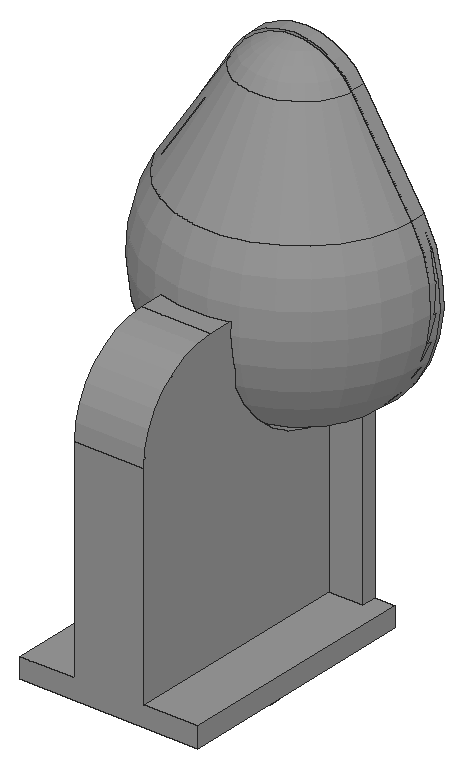
Revit family "Toilet-Willoughby-1490-ETW-OF-TS", category Plumbing Fixtures, host Face, Revit 2014
Parameters (values of type "Standard")
  Waste DIA = 2 1/2"
  Waste Connection = yes
  W-RAD [instance] = Waste DIA / 2  # 0' - 1 1/4"
  Vent Connection = no
  URL = "www.willoughby-ind.com"
  Type Comments = ""
  Revision = "A"
  Model = "ETW-1490-OF-TS"
  Manufacturer = "Willoughby Industries"
  HW Connection = no
  Flush inlet DIA = 1 1/2"
  Flush Inlet Connection = yes
  Fixture Body = Stainless Steel AISI 304-Willoughby
  F-RAD [instance] = Flush inlet DIA / 2  # 0' - 0 3/4"
  Description = "Off Floor Mounted Toilet"
  Default Elevation = 0' - 0"
  Contact Number = "(800) 428-4065"
  CW Connection = yes
Reference planes (in)
  plane 1 "Floor Level": y = -16.25
  plane 2: z = 0
  plane 3 "Center": x = 18.31072
  plane 4 "Waste height": y = -4.75
  plane 5 "Seat HGT": y = -1.25
  plane 6: y = -2.125
  plane 7 "Bottom Of Unit Off Floor": y = -13.75
  plane 8: x = 16.56072
  plane 9: x = 20.06072
  plane 10: x = 11.56072
  plane 11: x = 25.06072
  plane 12: z = 2.70924
Forms (in)
  Extrusion 1, solid, material "Stainless Steel AISI 304-Willoughby" <- "Fixture Body"
    sketch origin (16.08109, 7.47968, -7.1422) x (-1, 0, 0) y (0, 0, -1)
      loop
        line (1.29775, -16.80087) -> (1.29775, -7.1422) -> (-5.72963, -7.1422) -> (-5.72963, -16.81676)
        arc (-5.72963, -16.81676) -> (-8.98136, -21.11843) -> (-8.21015, -26.45542) r 7
        line (-8.21015, -26.45542) -> (-5.16818, -31.31054)
        arc (-5.16818, -31.31054) -> (-2.20225, -32.95225) -> (0.76368, -31.31054) r 3.5
        line (0.76368, -31.31054) -> (3.80565, -26.45542)
        arc (3.80565, -26.45542) -> (4.5729, -21.10311) -> (1.29775, -16.80087) r 7
      loop
        arc (2.03989, -24.70557) -> (-2.20225, -18.23804) -> (-6.44438, -24.70557) r 4.625
        line (-6.44438, -24.70557) -> (-4.04125, -30.23842)
        arc (-4.04125, -30.23842) -> (-2.20225, -31.45225) -> (-0.36324, -30.23842) r 2
        line (-0.36324, -30.23842) -> (2.03989, -24.70557)
    from 8.72968 to 9.5
  Revolve 2, solid, material "Stainless Steel AISI 304-Willoughby" <- "Fixture Body"
    sketch origin (19.37246, -1.52032, -3.93826) x (-1, 0, 0) y (0, 0, -1)
      loop
        line (1.06174, -12.59906) -> (1.06174, -12.84906)
        arc (1.06174, -12.84906) -> (6.96784, -16.33096) -> (6.78077, -23.18447) r 6.75
        line (6.78077, -23.18447) -> (3.81535, -27.91457)
        arc (3.81535, -27.91457) -> (2.63527, -29.03194) -> (1.06174, -29.43826) r 3.25
        line (1.06174, -29.43826) -> (1.06174, -29.68826)
        arc (1.06174, -29.68826) -> (2.75672, -29.25045) -> (4.02767, -28.04656) r 3.5
        line (4.02767, -28.04656) -> (7.06964, -23.19143)
        arc (7.06964, -23.19143) -> (7.15052, -16.14555) -> (1.06174, -12.59906) r 7
      axis (1.06174, -12.59906) -> (1.06174, -29.68826)
    angle from 0 to -180
  Extrusion 3, solid, material "Stainless Steel AISI 304-Willoughby" <- "Fixture Body"
    sketch origin (19.53334, -3.02032, -4.9508) x (0, 1, 0) y (0, 0, 1)
      loop
        line (-5.27082, 4.9508) -> (1, 4.9508) -> (1, 13.76086)
        arc (1, 13.76086) -> (-2.93256, 15.26109) -> (-5.27082, 18.76086) r 6.92744
        line (-5.27082, 18.76086) -> (-5.27082, 4.9508)
    from 0.52738 to -2.97262
  Extrusion 4, solid, material "Stainless Steel AISI 304-Willoughby" <- "Fixture Body"
    sketch origin (17.03334, 24.08792, -4.30581) x (0, 1, 0) y (0, 0, 1)
      loop
        line (-32.06656, 4.30581) -> (-32.06656, 20.30581) -> (-33.56217, 20.30581)
        arc (-33.56217, 20.30581) -> (-36.58558, 19.05347) -> (-37.83792, 16.03006) r 4.27575
        line (-37.83792, 16.03006) -> (-37.83792, 4.30581) -> (-32.06656, 4.30581)
    from -0.47262 to 3.02738
  Extrusion 5, solid, material "Stainless Steel AISI 304-Willoughby" <- "Fixture Body"
    sketch origin (0, 14.59309, 0) x (1, 0, 0) y (0, 1, 0)
      loop
        circle (18.31072, -19.34309) r 1.25
    from 1 to -3
  Extrusion 6, solid, material "Stainless Steel AISI 304-Willoughby" <- "Fixture Body"
    sketch origin (0, 1.11185, 0) x (1, 0, 0) y (0, 0, 1)
      loop
        circle (18.31072, 2.70924) r 0.75
    from 2.36185 to 4.61185
  Extrusion 7, solid, material "Stainless Steel AISI 304-Willoughby" <- "Fixture Body"
    sketch origin (0, -16.25, 0) x (1, 0, 0) y (0, 0, 1)
      loop
        line (22.81072, 0) -> (22.81072, 1) -> (13.81072, 1) -> (13.81072, 0) -> (22.81072, 0)
    from -15 to -2.5
Cuts and joins
  joined: Extrusion 1, Extrusion 3, Extrusion 4, Extrusion 7
Lines and regions (in)
  symbolic lines
    curve 1: line (11.28334, -2.02032, 0) -> (11.28334, -1.25, 0)
    curve 2: line (11.28334, -1.25, 0) -> (25.28334, -1.25, 0)
    curve 3: line (25.28334, -1.25, 0) -> (25.28334, -2.02032, 0)
    curve 4: arc (25.28334, -2.02032, 0) -> (23.06415, -6.63018, 0) -> (18.31072, -8.52239, 0) r 7.0442
    curve 5: arc (18.31072, -8.52239, 0) -> (13.54414, -6.62547, 0) -> (11.28334, -2.02032, 0) r 7.13312
    curve 6: line (20.06072, -8.28853, 0) -> (20.06072, -13.75, 0)
    curve 7: line (22.81072, -6.85535, 0) -> (22.81072, -13.75, 0)
    curve 8: line (22.81072, -13.75, 0) -> (13.81072, -13.75, 0)
    curve 9: line (13.81072, -13.75, 0) -> (13.81072, -6.86008, 0)
    curve 10: line (16.56072, -8.28466, 0) -> (16.56072, -13.75, 0)
    curve 11: line (14.78334, -16.25, 9.65867) -> (14.78334, -16.25, 1)
    curve 12: line (14.78334, -16.25, 1) -> (13.81072, -16.25, 1)
    curve 13: line (13.81072, -16.25, 1) -> (13.81072, -16.25, 0)
    curve 14: line (13.81072, -16.25, 0) -> (22.81072, -16.25, 0)
    curve 15: line (22.81072, -16.25, 0) -> (22.81072, -16.25, 1)
    curve 16: line (22.81072, -16.25, 1) -> (21.81072, -16.25, 1)
    curve 17: line (21.81072, -16.25, 1) -> (21.81072, -16.25, 9.67456)
    curve 18: arc (21.81072, -16.25, 9.67456) -> (25.08911, -16.25, 13.96937) -> (24.29124, -16.25, 19.31322) r 6.93578
    curve 19: line (24.29124, -16.25, 19.31322) -> (21.24927, -16.25, 24.16835)
    curve 20: arc (21.24927, -16.25, 24.16835) -> (19.98923, -16.25, 25.34792) -> (18.31072, -16.25, 25.75) r 3.37397
    curve 21: arc (18.31072, -16.25, 25.75) -> (16.62783, -16.25, 25.31163) -> (15.31741, -16.25, 24.16835) r 3.79331
    curve 22: line (15.31741, -16.25, 24.16835) -> (12.34391, -16.25, 19.32101)
    curve 23: arc (12.34391, -16.25, 19.32101) -> (11.52805, -16.25, 13.97592) -> (14.78334, -16.25, 9.65867) r 6.9627
    curve 29: line (18.31072, -13.75, 11.75444) -> (18.31072, -13.75, 0)
    curve 30: line (18.31072, -13.75, 0) -> (18.31072, -1.25, 0)
    curve 31: line (18.31072, -1.25, 0) -> (18.31072, -1.25, 25.81005)
    curve 32: line (18.31072, -1.25, 25.81005) -> (18.31072, -2.02032, 25.81005)
    curve 33: arc (18.31072, -2.02032, 25.81005) -> (18.31072, -3.43554, 25.21602) -> (18.31072, -4.47778, 24.08932) r 3.62265
    curve 34: line (18.31072, -4.47778, 24.08932) -> (18.31072, -7.52822, 19.25317)
    curve 35: arc (18.31072, -7.52822, 19.25317) -> (18.31072, -8.23907, 17.69094) -> (18.31072, -8.50508, 15.99534) r 6.34324
    curve 36: line (18.31072, -8.27911, 15.99534) -> (18.31072, -9.5091, 15.99534)
    curve 37: arc (18.31072, -9.5091, 15.99534) -> (18.31072, -12.50787, 14.75321) -> (18.31072, -13.75, 11.75444) r 4.2409
    curve 38: arc (18.31072, -8.27911, 15.99534) -> (18.31072, -8.26214, 14.45716) -> (18.31072, -7.97864, 12.94525) r 8.83503
    curve 39: arc (18.31072, -7.97864, 12.94525) -> (18.31072, -5.58388, 10.0356) -> (18.31072, -2.02032, 8.81005) r 6.92744
    curve 40: line (18.31072, -1.25, 9.65867) -> (18.31072, -1.97294, 9.65867)
    curve 41: line (18.31072, -1.97294, 9.65867) -> (18.31072, -1.97294, 1)
    curve 42: line (18.31072, -1.25, 1) -> (18.31072, -13.75, 1)
  symbolic lines, detail levels fine
    curve 24: arc (14.0412, -16.25, 17.56337) -> (18.28334, -16.25, 11.09585) -> (22.52547, -16.25, 17.56337) r 4.625
    curve 25: line (22.52547, -16.25, 17.56337) -> (20.12234, -16.25, 23.09622)
    curve 26: arc (20.12234, -16.25, 23.09622) -> (19.38317, -16.25, 23.97635) -> (18.28334, -16.25, 24.31005) r 2.01767
    curve 27: arc (18.28334, -16.25, 24.31005) -> (17.17969, -16.25, 23.98213) -> (16.44433, -16.25, 23.09622) r 1.9827
    curve 28: line (16.44433, -16.25, 23.09622) -> (14.0412, -16.25, 17.56337)
Dimensions and locks (in)
  plane 1 "Floor Level" to plane 4 "Waste height" = 0' - 11 1/2"
  plane 1 "Floor Level" to plane 5 "Seat HGT" = 1' - 3"
  plane 1 "Floor Level" to plane 7 "Bottom Of Unit Off Floor" = 0' - 2 1/2"
  "W-RAD": radius of Extrusion 5 sketch curve
  "F-RAD": radius of Extrusion 6 sketch curve
  aligned and locked: plane 2 to host face
  aligned and locked: level to host face
  aligned and locked: plane 3 "Center" to Extrusion 5 sketch curve
  aligned and locked: plane 4 "Waste height" to Extrusion 5 sketch curve
  aligned and locked: plane 3 "Center" to Extrusion 6 sketch curve
  aligned and locked: plane 12 to Extrusion 6 sketch curve
  aligned and locked: cut or joined group of Extrusion 1, Extrusion 3, Extrusion 4, Extrusion 7 to cut or joined group of Extrusion 1, Extrusion 3, Extrusion 4, Extrusion 7
Automatic sketch dimensions
  host sketch curve to host sketch curve = 3' - 1.75026"
  host sketch curve to host sketch curve = 2' - 9.61225"
  Extrusion 1 sketch curve to Extrusion 1 sketch curve = 0' - 0"  (x8)
  Extrusion 1 sketch curve to level = 0' - 0"
  plane 3 "Center" to Extrusion 1 sketch curve = 0' - 5.98052"
  Extrusion 1 sketch curve to Extrusion 1 sketch curve = 0' - 1.76576"  (x2)
  plane 3 "Center" to Extrusion 1 sketch curve = 0' - 3 1/2"
  plane 3 "Center" to Extrusion 1 sketch curve = 0' - 2.93855"
  Extrusion 1 sketch curve to Extrusion 1 sketch curve = 0' - 1.12693"  (x2)
  Extrusion 1 sketch curve to plane 3 "Center" = 0' - 0.02738"  (x2)
  Extrusion 1 sketch curve to plane 3 "Center" = 0' - 1.86639"
  Extrusion 1 sketch curve to plane 3 "Center" = 0' - 3.52738"
  Extrusion 1 sketch curve to plane 3 "Center" = 0' - 4 69/256"
  Extrusion 1 sketch curve to Extrusion 1 sketch curve = 0' - 9.65867"
  Extrusion 1 sketch curve to Extrusion 1 sketch curve = 0' - 0.01589"
  Extrusion 1 sketch curve to Extrusion 1 sketch curve = 0' - 6.06218"
  Extrusion 1 sketch curve to Extrusion 1 sketch curve = 0' - 1.74985"
  Extrusion 1 sketch curve to Extrusion 1 sketch curve = 0' - 4.74668"
  Extrusion 1 sketch curve to Extrusion 1 sketch curve = 0' - 0.78617"
  Extrusion 1 sketch curve to Extrusion 1 sketch curve = 0' - 1.07212"
  Revolve 2 sketch curve to Revolve 2 sketch curve = 0' - 0"  (x2)
  Revolve 2 sketch curve to plane 3 "Center" = 0' - 0"  (x3)
  plane 3 "Center" to Revolve 2 sketch curve = 0' - 0"
  Revolve 2 sketch curve to plane 3 "Center" = 0' - 2.75361"
  Revolve 2 sketch curve to Revolve 2 sketch curve = 0' - 0.21232"
  Revolve 2 sketch curve to Revolve 2 sketch curve = 0' - 2.96542"
  Revolve 2 sketch curve to Revolve 2 sketch curve = 0' - 0.28887"
  level to Revolve 2 sketch curve = 2' - 1 3/4"
  Revolve 2 sketch curve to Revolve 2 sketch curve = 0' - 0 1/4"
  Revolve 2 sketch curve to Revolve 2 sketch curve = 0' - 1.3917"
  Revolve 2 sketch curve to Revolve 2 sketch curve = 0' - 0.13199"
  Revolve 2 sketch curve to Revolve 2 sketch curve = 0' - 4.85513"
  Revolve 2 sketch curve to Revolve 2 sketch curve = 0' - 0.00696"
  Revolve 2 sketch curve to Revolve 2 sketch curve = 0' - 3 1/4"
  Revolve 2 sketch curve to Revolve 2 sketch curve = 0' - 3.3392"
  Revolve 2 sketch curve to Revolve 2 sketch curve = 0' - 2.4108"
  Extrusion 3 sketch curve to level = 0' - 0"
  plane 4 "Waste height" to Extrusion 3 sketch curve = 0' - 3.54114"
  plane 6 to Extrusion 3 sketch curve = 0' - 0.10468"
  plane 5 "Seat HGT" to Extrusion 3 sketch curve = 0' - 0.38413"
  Extrusion 3 sketch curve to Extrusion 3 sketch curve = 0' - 8.81005"
  Extrusion 3 sketch curve to Extrusion 3 sketch curve = 0' - 5"
  Extrusion 4 sketch curve to plane 7 "Bottom Of Unit Off Floor" = 0' - 0"
  Extrusion 4 sketch curve to level = 0' - 0"
  Extrusion 4 sketch curve to plane 7 "Bottom Of Unit Off Floor" = 0' - 4.27575"
  Extrusion 4 sketch curve to Extrusion 4 sketch curve = 0' - 1.49561"
  Extrusion 4 sketch curve to Extrusion 4 sketch curve = 0' - 11.72425"
  plane 10 to Extrusion 7 sketch curve = 0' - 2 1/4"
  Extrusion 7 sketch curve to plane 11 = 0' - 2 1/4"
  Extrusion 7 sketch curve to level = 0' - 0"
  level to Extrusion 7 sketch curve = 0' - 1"
  plane 5 "Seat HGT" to curve 1 = 0' - 0"
  plane 7 "Bottom Of Unit Off Floor" to curve 9 = 0' - 0"
  curve 10 to plane 8 = 0' - 0"
  curve 5 to plane 3 "Center" = 0' - 0"
  curve 6 to plane 9 = 0' - 0"
  plane 10 to curve 8 = 0' - 2 1/4"
  curve 4 to plane 3 "Center" = 0' - 0.05071"
  plane 3 "Center" to curve 5 = 0' - 0.07781"
  curve 8 to plane 11 = 0' - 2 1/4"
  plane 6 to curve 3 = 0' - 0.10468"
  plane 11 to curve 3 = 0' - 0.22262"
  plane 6 to curve 1 = 0' - 0.10468"
  plane 5 "Seat HGT" to curve 4 = 0' - 0.22837"
  curve 5 to curve 10 = 0' - 0.23773"
  curve 14 to level = 0' - 0"
  curve 20 to plane 3 "Center" = 0' - 0"
  curve 21 to plane 3 "Center" = 0' - 0"
  curve 24 to plane 3 "Center" = 0' - 0.02738"
  curve 23 to plane 3 "Center" = 0' - 0.0318"
  curve 27 to plane 3 "Center" = 0' - 0.03882"
  curve 26 to curve 27 = 0' - 0.0002"
  curve 22 to plane 8 = 0' - 1.24331"
  curve 11 to plane 8 = 0' - 1.77738"
  curve 13 to curve 11 = 0' - 0.97262"
  plane 10 to curve 22 = 0' - 0.78319"
  plane 3 "Center" to curve 18 = 0' - 0.06148"
  plane 3 "Center" to curve 20 = 0' - 0.07942"
  plane 3 "Center" to curve 21 = 0' - 0.08929"
  plane 9 to curve 25 = 0' - 0.06162"
  plane 9 to curve 19 = 0' - 1.18855"
  plane 9 to curve 16 = 0' - 1 3/4"
  plane 9 to curve 25 = 0' - 2.46475"
  curve 16 to curve 16 = 0' - 1"
  curve 19 to plane 11 = 0' - 0.76948"
  level to curve 12 = 0' - 1"
  level to curve 16 = 0' - 1"
  plane 12 to curve 11 = 0' - 6.94943"
  plane 12 to curve 17 = 0' - 6.96532"
  curve 11 to curve 23 = 0' - 6.02163"
  curve 23 to curve 18 = 0' - 0.01768"
  curve 23 to curve 24 = 0' - 0.04055"
  curve 25 to curve 18 = 0' - 1.74985"
  curve 25 to curve 21 = 0' - 4.39436"
  curve 21 to curve 26 = 0' - 0.33468"
  curve 26 to curve 27 = 0' - 0.03496"
  curve 27 to curve 20 = 0' - 0.04959"
  curve 25 to curve 19 = 0' - 1.07212"
  curve 27 to curve 26 = 0' - 0"
  curve 28 to plane 8 = 0' - 0.11639"
  curve 22 to curve 28 = 0' - 1.69729"
  curve 29 to plane 7 "Bottom Of Unit Off Floor" = 0' - 0"
  curve 40 to plane 5 "Seat HGT" = 0' - 0"
  curve 29 to level = 0' - 0"
  curve 37 to plane 7 "Bottom Of Unit Off Floor" = 0' - 4.2409"
  curve 37 to curve 36 = 0' - 1.22999"
  plane 4 "Waste height" to curve 34 = 0' - 2.77822"
  curve 34 to plane 4 "Waste height" = 0' - 0.27222"
  curve 35 to plane 6 = 0' - 0.0381"
  plane 6 to curve 32 = 0' - 0.10468"
  plane 6 to curve 40 = 0' - 0.15206"
  plane 5 "Seat HGT" to curve 39 = 0' - 0.38413"
  plane 5 "Seat HGT" to curve 33 = 0' - 0.10768"
  curve 38 to plane 5 "Seat HGT" = 0' - 1.78033"
  plane 12 to curve 40 = 0' - 6.94943"
  curve 40 to curve 37 = 0' - 2.09577"
  curve 40 to curve 38 = 0' - 5.66467"
  curve 38 to curve 39 = 0' - 0.40338"
  curve 39 to curve 35 = 0' - 0.14236"
  curve 38 to curve 34 = 0' - 3 33/128"
  curve 35 to curve 33 = 0' - 6.37945"
  curve 33 to curve 34 = 0' - 1.8408"
  curve 37 to curve 39 = 0' - 1.53047"
  plane 6 to curve 39 = 0' - 0.10468"
  level to curve 42 = 0' - 1"
Connectors (in)
  piping at (18.31072, -4.75, -3), diameter 2.5, driven by "W-RAD", driven by "Waste Connection"
    settings: on Extrusion 5, index 1, connector inside diameter 2 1/2", connector length 0' - 0", flow factor 0, pipe flow 0 GPM, pressure drop 0.00 psi, fitting loss kfactor 0, connector angle 0.00°, fixture units 0, engagement length 0' - 0", angle of deflection 0.00°, flow configuration 0, flow direction 2, fitting loss method 0, system type 16, joint type 0, gender type 0, connector reference index -1, connector utility 1, adjustable connector yes, is connector primary yes, connector description "Toilet Waste"
  piping at (18.31072, -3.5, 2.70924), diameter 1.5, driven by "F-RAD", driven by "Flush Inlet Connection"
    settings: on Extrusion 6, index 2, connector inside diameter 1 1/2", connector length 0' - 0", flow factor 0, pipe flow 0 GPM, pressure drop 0.00 psi, fitting loss kfactor 0, connector angle 0.00°, fixture units 0, engagement length 0' - 0", angle of deflection 0.00°, flow configuration 0, flow direction 1, fitting loss method 0, system type 20, joint type 0, gender type 0, connector reference index -1, connector utility 1, adjustable connector no, is connector primary no, connector description "Flush Inlet"
